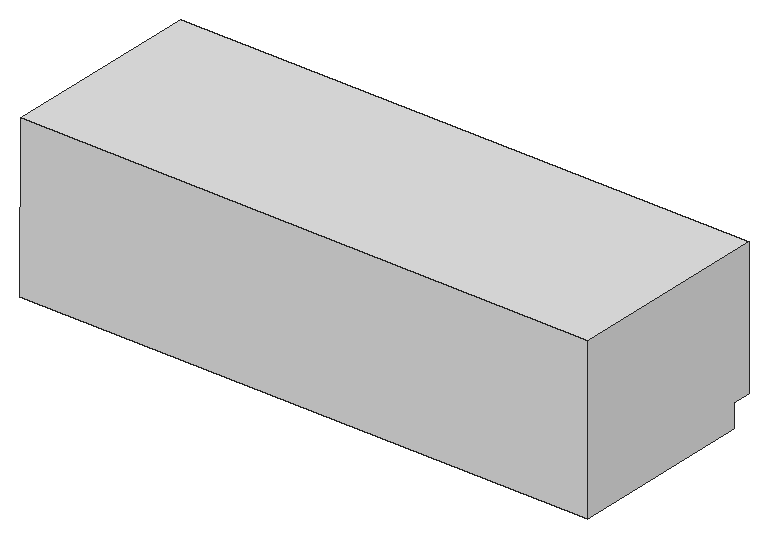
Revit family "OD_CW_Base Cabinet", category Casework, Revit 2015
Parameters
  OD_CW_Width [instance] = 2' - 10"
  OD_CW_Length [instance] = 8' - 0"
  OD_CW_Height [instance] = 2' - 3"
  Depth = 2' - 0"
  Height = 3' - 0"
  Width = 4' - 0"
Reference planes (in)
  plane 1 "Center (Left/Right)": x = 0.7377
  plane 2 "Left": x = -23.2623
  plane 3 "Right": x = 24.7377
  plane 4 "Front": y = -24
  plane 5 "Top": z = 27
  plane 6: x = 96.7377
  plane 7: y = 10
Forms (in)
  Extrusion 1, solid
    sketch origin (24.7377, 0, 0) x (0, -1, 0) y (0, 0, 1)
      loop
        line (24, 27) -> (-10, 27) -> (-10, 4) -> (-7, 4) -> (-7, 0) -> (24, 0) -> (24, 27)
    from -72 to 24
Lines and regions (in)
  symbolic lines, style "InvisibleLines"
    curve 1: line (0.7377, 10, 0) -> (0.7377, -28, 0)
Dimensions and locks (in)
  equal spacing: plane 2 "Left", plane 1 "Center (Left/Right)", plane 3 "Right"
  "OD_CW_Width": plane 4 "Front" to plane 7
  "OD_CW_Length": plane 1 "Center (Left/Right)" to plane 6
  locked: Extrusion 1 sketch curve to plane 7 at 3
  "OD_CW_Height": plane 5 "Top" to level
  locked: curve 1 to Extrusion 1 at 4
  aligned and locked: plane 5 "Top" to Extrusion 1 sketch curve
  aligned and locked: Extrusion 1 sketch curve to plane 4 "Front"
  aligned and locked: Extrusion 1 sketch curve to plane 7
  aligned and locked: level to Extrusion 1 sketch curve
  aligned and locked: Extrusion 1 to plane 1 "Center (Left/Right)"
  aligned and locked: plane 6 to Extrusion 1
Automatic sketch dimensions
  level to Extrusion 1 sketch curve = 0' - 4"
  curve 1 to plane 1 "Center (Left/Right)" = 0' - 0"
  curve 1 to plane 7 = 0' - 0"
